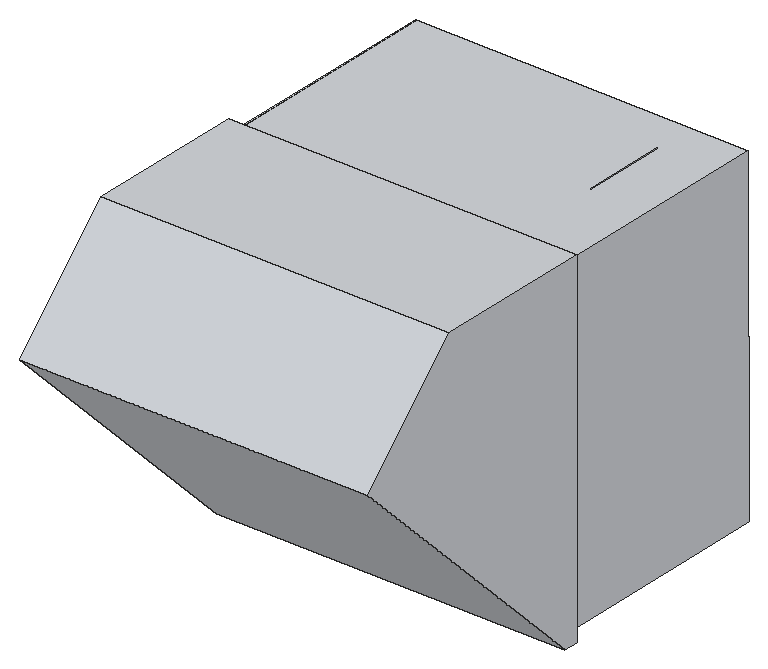
Revit family "EPD", category Mechanical Equipment, Revit 2019
Family settings
  Round Connector Dimension = Use Diameter
  Part Type = Normal
  Work Plane-Based = No
  Always vertical = Yes
  Cut with Voids When Loaded = No
  Shared = No
  Room Calculation Point = No
Parameters (values of type "54_EPD")
  WO_PAC = B_PAC + 0' 0 1/4"  # 5' - 7 3/8"
  WO = A + 0' 0 1/4"  # 5' - 6 7/16"
  WH_C = WH_B + 0' 3"  # 6' - 1"
  WH_B/2 = WH_B / 2  # 2' - 11"
  WH_B = 5' - 10"
  WH_A = 4' - 4 5/8"
  WEATHER_HOOD [instance] = yes
  Unit Weight [instance] = ""
  Sones [instance] = ""
  Motor RPM [instance] = ""
  Motor Enclosure [instance] = ""
  ModelID [instance] = ""
  LwA [instance] = ""
  Fan RPM [instance] = ""
  D_PAC/2 = 1' - 4 1/2"
  D_PAC = 3' - 9"
  D/2 = D / 2  # 2' - 6"
  D = 5' - 0"
  E/2 = E / 2  # 0' - 1 1/2"
  E = 0' - 3"  # constant formula
  C_PAC/2 = C_PAC / 2  # 2' - 7 3/4"
  C_PAC = 5' - 3 1/2"
  C/2 = C / 2  # 0' - 3 27/32"
  C = 0' - 7 11/16"
  B_PAC/2 = B_PAC / 2  # 2' - 9 9/16"
  B_PAC = 5' - 7 1/8"
  B/2 = B / 2  # 1' - 1 7/8"
  B = 2' - 3 3/4"
  Accessories [instance] = ""
  A_PAC/2 = A_PAC / 2  # 2' - 10 3/4"
  A_PAC = 5' - 9 1/2"
  A/7 = A / 7  # 0' - 9.45536"
  A/3.5 = A / 3.5  # 1' - 6.91071"
  A/2 = A / 2  # 2' - 9 3/32"
  A = 5' - 6 3/16"
  90 = 90.00°  # constant formula
  9" = 0' - 9"  # constant formula
  3" = 0' - 3"  # constant formula
  Brake Hp [instance] = ""
  4" = 0' - 4"  # constant formula
  2' = 2' - 0"
  2" = 0' - 2"  # constant formula
  135 = 135.00°  # constant formula
  1" = 0' - 1"  # constant formula
  0 = 0' - 0"  # constant formula
  Voltage [instance] = 0 V
  URL = "www.lorencook.com"
  Type Comments = "Packaged Wall Exhaust Fan Extruded Aluminum Propeller Direct Drive"  # constant formula
  Static Pressure [instance] = 0.00 in-wg
  Power [instance] = Voltage * Motor FLA * sqrt(if(Phase = 3, 3, 1))  # 0 VA
  Phase [instance] = 0
  Number of Poles [instance] = 1
  Motor Hp [instance] = "0"
  Motor FLA [instance] = 0 A
  Model = "EPD"  # constant formula
  Manufacturer = "Loren Cook Company"
  CFM [instance] = 0 CFM
  1.5 = 0' - 1 1/2"  # constant formula
  HALF = 0' - 0 1/2"  # constant formula
  ONE EIGTH = 0' - 0 1/8"  # constant formula
  -WH_B/2 = -WH_B / 2  # -2' - 11"
  -D_PAC/2 = -2' - 4 1/2"
  -D = -E  # -0' - 3"
  -C/2 = -C / 2  # -0' - 3 27/32"
  -B+1" = -B + 0' 1"  # -2' - 2 3/4"
  -B = -B  # -2' - 3 3/4"
  -((SIZE/2)-.25") = -1' - 11 3/4"
  -((A/2)-C-.5") = -((A / 2) - C - 0' 0 1/2")  # -2' - 0 29/32"
  (SIZE/2)-.25" = 1' - 11 3/4"
  (D_SUP/2)-(C/2)-.125" = (D / 2) - (C / 2) - 0' 0 1/8"  # 2' - 2 1/32"
  (A/2)-C-.5" = (A / 2) - C - 0' 0 1/2"  # 2' - 0 29/32"
  (A/2)-1" = (A / 2) - 0' 0 1/4"  # 2' - 8 27/32"
Types (7): name | WO_PAC | WO | WH_C | WH_B/2 | WH_B | WH_A | D_PAC/2 | D_PAC | D/2 | D | C_PAC/2 | C_PAC | C/2 | C | B_PAC/2 | B_PAC | B/2 | B | A_PAC/2 | A_PAC | A/7 | A/3.5 | A/2 | A | -WH_B/2 | -D_PAC/2 | -C/2 | -B+1" | -B | -((SIZE/2)-.25") | -((A/2)-C-.5") | (SIZE/2)-.25" | (D_SUP/2)-(C/2)-.125" | (A/2)-C-.5" | (A/2)-1"
  (no name) | 5' - 7 3/8" | 5' - 6 7/16" | 6' - 1" | 2' - 11" | 5' - 10" | 4' - 4 5/8" | 1' - 4 1/2" | 3' - 9" | 2' - 6" | 5' - 0" | 2' - 7 3/4" | 5' - 3 1/2" | 0' - 3 27/32" | 0' - 7 11/16" | 2' - 9 9/16" | 5' - 7 1/8" | 1' - 1 7/8" | 2' - 3 3/4" | 2' - 10 3/4" | 5' - 9 1/2" | 0' - 9.45536" | 1' - 6.91071" | 2' - 9 3/32" | 5' - 6 3/16" | -2' - 11" | -2' - 4 1/2" | -0' - 3 27/32" | -2' - 2 3/4" | -2' - 3 3/4" | -1' - 11 3/4" | -2' - 0 29/32" | 1' - 11 3/4" | 2' - 2 1/32" | 2' - 0 29/32" | 2' - 8 27/32"
  24_EPD | 3' - 1 1/4" | 3' - 0 7/16" | 3' - 7" | 1' - 8" | 3' - 4" | 2' - 7 7/16" | 0' - 8 1/4" | 2' - 0 1/2" | 1' - 3" | 2' - 6" | 1' - 4 3/4" | 2' - 9 1/2" | 0' - 3 1/2" | 0' - 7" | 1' - 6 1/2" | 3' - 1" | 0' - 7 5/16" | 1' - 2 5/8" | 1' - 7 3/4" | 3' - 3 1/2" | 0' - 5.16964" | 0' - 10.33929" | 1' - 6 3/32" | 3' - 0 3/16" | -1' - 8" | -1' - 4 1/4" | -0' - 3 1/2" | -1' - 1 5/8" | -1' - 2 5/8" | -0' - 11 3/4" | -0' - 10 19/32" | 0' - 11 3/4" | 0' - 11 3/8" | 0' - 10 19/32" | 1' - 5 27/32"
  30_EPD | 3' - 7 1/4" | 3' - 6 7/16" | 4' - 1" | 1' - 11" | 3' - 10" | 2' - 11 11/16" | 0' - 10 1/4" | 2' - 4 1/2" | 1' - 6" | 3' - 0" | 1' - 7 3/4" | 3' - 3 1/2" | 0' - 3 13/32" | 0' - 6 13/16" | 1' - 9 1/2" | 3' - 7" | 0' - 7 5/16" | 1' - 2 5/8" | 1' - 10 3/4" | 3' - 9 1/2" | 0' - 6.02679" | 1' - 0.05357" | 1' - 9 3/32" | 3' - 6 3/16" | -1' - 11" | -1' - 6 1/4" | -0' - 3 13/32" | -1' - 1 5/8" | -1' - 2 5/8" | -1' - 2 3/4" | -1' - 1 25/32" | 1' - 2 3/4" | 1' - 2 15/32" | 1' - 1 25/32" | 1' - 8 27/32"
  36_EPD | 4' - 1 5/16" | 4' - 0 7/16" | 4' - 7" | 2' - 2" | 4' - 4" | 3' - 3 15/16" | 0' - 11" | 2' - 10" | 1' - 9" | 3' - 6" | 1' - 10 3/4" | 3' - 9 1/2" | 0' - 3 5/8" | 0' - 7 1/4" | 2' - 0 17/32" | 4' - 1 1/16" | 0' - 11" | 1' - 10" | 2' - 1 3/4" | 4' - 3 1/2" | 0' - 6.88393" | 1' - 1.76786" | 2' - 0 3/32" | 4' - 0 3/16" | -2' - 2" | -1' - 11" | -0' - 3 5/8" | -1' - 9" | -1' - 10" | -1' - 5 3/4" | -1' - 4 11/32" | 1' - 5 3/4" | 1' - 5 1/4" | 1' - 4 11/32" | 1' - 11 27/32"
  42_EPD | 4' - 7 5/16" | 4' - 6 7/16" | 5' - 1" | 2' - 5" | 4' - 10" | 3' - 8 3/16" | 1' - 4" | 3' - 4" | 2' - 0" | 4' - 0" | 2' - 1 3/4" | 4' - 3 1/2" | 0' - 3 13/16" | 0' - 7 5/8" | 2' - 3 17/32" | 4' - 7 1/16" | 1' - 0" | 2' - 0" | 2' - 4 3/4" | 4' - 9 1/2" | 0' - 7.74107" | 1' - 3.48214" | 2' - 3 3/32" | 4' - 6 3/16" | -2' - 5" | -2' - 0" | -0' - 3 13/16" | -1' - 11" | -2' - 0" | -1' - 8 3/4" | -1' - 6 31/32" | 1' - 8 3/4" | 1' - 8 1/16" | 1' - 6 31/32" | 2' - 2 27/32"
  48_EPD | 5' - 1 3/8" | 5' - 0 7/16" | 5' - 7" | 2' - 8" | 5' - 4" | 4' - 0 7/16" | 1' - 4 1/4" | 3' - 4 1/2" | 2' - 3" | 4' - 6" | 2' - 4 3/4" | 4' - 9 1/2" | 0' - 3 7/8" | 0' - 7 3/4" | 2' - 6 9/16" | 5' - 1 1/8" | 1' - 0" | 2' - 0" | 2' - 7 3/4" | 5' - 3 1/2" | 0' - 8.59821" | 1' - 5.19643" | 2' - 6 3/32" | 5' - 0 3/16" | -2' - 8" | -2' - 0 1/4" | -0' - 3 7/8" | -1' - 11" | -2' - 0" | -1' - 11 3/4" | -1' - 9 27/32" | 1' - 11 3/4" | 1' - 11" | 1' - 9 27/32" | 2' - 5 27/32"
  54_EPD | 5' - 7 3/8" | 5' - 6 7/16" | 6' - 1" | 2' - 11" | 5' - 10" | 4' - 4 5/8" | 1' - 4 1/2" | 3' - 9" | 2' - 6" | 5' - 0" | 2' - 7 3/4" | 5' - 3 1/2" | 0' - 3 27/32" | 0' - 7 11/16" | 2' - 9 9/16" | 5' - 7 1/8" | 1' - 1 7/8" | 2' - 3 3/4" | 2' - 10 3/4" | 5' - 9 1/2" | 0' - 9.45536" | 1' - 6.91071" | 2' - 9 3/32" | 5' - 6 3/16" | -2' - 11" | -2' - 4 1/2" | -0' - 3 27/32" | -2' - 2 3/4" | -2' - 3 3/4" | -1' - 11 3/4" | -2' - 0 29/32" | 1' - 11 3/4" | 2' - 2 1/32" | 2' - 0 29/32" | 2' - 8 27/32"
Reference planes (in)
  plane 1 "Center (Front/Back)": y = 0
  plane 2: z = 0
  plane 3 "Center (Left/Right)": x = 0.40541
Forms (in)
  Revolve 1, solid
    sketch origin (0.40541, 0, 0) x (0, 1, 0) y (0, 0, 1)
      loop
        line (-4.84375, 3.84375) -> (-4.84375, 0) -> (-3.84375, 0) -> (-3.84375, 3.84375) -> (-4.84375, 3.84375)
      axis (-4.84375, 0) -> (-3.84375, 0)
    angle from 0 to 360
  Extrusion 2, solid
    sketch origin (0.40541, 0, 0) x (0, 1, 0) y (0, 0, 1)
      loop
        line (0, -3.84375) -> (-7.6875, 3.84375) -> (-7.77589, 3.75536) -> (-0.08839, -3.93214) -> (0, -3.84375)
    from 30 to 3.84375 <- "C/2"
  Extrusion 3, solid
    sketch origin (0.40541, 0, 0) x (0, 1, 0) y (-1, 0, 0)
      loop
        line (0, -3.84375) -> (-7.6875, 3.84375) -> (-7.77589, 3.75536) -> (-0.08839, -3.93214) -> (0, -3.84375)
    from 30 to 3.84375 <- "C/2"
  Extrusion 4, solid
    sketch origin (0.40541, 0, 0) x (0, 1, 0) y (0, 0, -1)
      loop
        line (0, -3.84375) -> (-7.6875, 3.84375) -> (-7.77589, 3.75536) -> (-0.08839, -3.93214) -> (0, -3.84375)
    from 30 to 3.84375 <- "C/2"
  Extrusion 5, solid
    sketch origin (0.40541, 0, 0) x (1, 0, 0) y (0, 1, 0)
      loop
        line (-3.84375, 0) -> (-3.93214, -0.08839) -> (3.75536, -7.77589) -> (3.84375, -7.6875) -> (-3.84375, 0)
    from -30 to -3.84375 <- "-C/2"
  Extrusion 6, void
    sketch origin (0, 0, 0) x (1, 0, 0) y (0, 0, 1)
      loop
        circle (0.40541, 0) r 26.03125
      loop
        circle (0.40541, 0) r 40
    from 0 to 9 <- "9""
  Extrusion 7, solid
    sketch origin (0, 0, 0) x (1, 0, 0) y (0, 0, 1)
      loop
        line (-32.68834, 33.09375) -> (-32.68834, -33.09375) -> (33.49916, -33.09375) -> (33.49916, 33.09375) -> (-32.68834, 33.09375)
      loop
        circle (0.40541, 0) r 30
    from 0 to -0.125
  Extrusion 8, solid
    sketch origin (0, 0, 0) x (1, 0, 0) y (0, 0, 1)
      loop
        line (-32.68834, 33.09375) -> (-32.68834, -33.09375) -> (33.49916, -33.09375) -> (33.49916, 33.09375) -> (-32.68834, 33.09375)
      loop
        line (33.37416, -32.96875) -> (33.37416, 32.96875) -> (-32.56334, 32.96875) -> (-32.56334, -32.96875) -> (33.37416, -32.96875)
    from 0 to -3 <- "-D"
  Extrusion 9, solid
    sketch origin (0, 0, 0) x (1, 0, 0) y (0, 0, 1)
      loop
        circle (0.40541, 0) r 9.45536
    from 0 to -26.75 <- "-B+1""
  Extrusion 10, solid
    sketch origin (0, 0, 0) x (1, 0, 0) y (0, 0, 1)
      loop
        line (-18.5053, -9.45536) -> (-18.5053, -10.95536) -> (19.31613, -10.95536) -> (19.31613, -9.45536) -> (-18.5053, -9.45536)
    from 0 to -27.75 <- "-B"
  Sweep 11, solid
    path origin (0.40541, 0, 0) x (0, 1, 0) y (0, 0, 1)
      loop
        line (0.125, 31.96875) -> (22.75, 31.96875)
        arc (22.75, 31.96875) -> (24.87132, 31.09007) -> (25.75, 28.96875) r 3
        line (25.75, 28.96875) -> (25.75, -28.96875)
        arc (25.75, -28.96875) -> (24.87132, -31.09007) -> (22.75, -31.96875) r 3
        line (22.75, -31.96875) -> (0.125, -31.96875)
    profile origin (0.40541, 11.4375, 31.96875) x (0, 0, 1) y (1, 0, 0)
      loop
        circle (0, -19.41071) r 0.5
      loop
        circle (0, 19.41071) r 0.5
  Revolve 12, solid
    sketch origin (0.40541, 0, 0) x (0, 1, 0) y (0, 0, 1)
      loop
        arc (-0.125, 30) -> (-3.96875, 26.15625) -> (-7.8125, 30) r 3.84375
        line (-7.8125, 30) -> (-7.9375, 30)
        arc (-7.9375, 30) -> (-3.96875, 26.03125) -> (0, 30) r 3.96875
        line (0, 30) -> (-0.125, 30)
      axis (-7.9375, 0) -> (0, 0)
    angle from 0 to 360
  Extrusion 13, solid
    sketch origin (0, 0, 0) x (1, 0, 0) y (0, 0, 1)
      loop
        line (-33.03209, 33.4375) -> (-33.03209, -33.4375) -> (33.84291, -33.4375) -> (33.84291, 33.4375) -> (-33.03209, 33.4375)
      loop
        line (33.96791, -33.5625) -> (33.96791, 33.5625) -> (-33.15709, 33.5625) -> (-33.15709, -33.5625) -> (33.96791, -33.5625)
    from -28.5 <- "-D_PAC/2" to 16.5 <- "D_PAC/2"
  Extrusion 14, solid
    sketch origin (0, -16.5, 0) x (1, 0, 0) y (0, 0, 1)
      loop
        line (-31.34459, 31.75) -> (-31.34459, -31.75) -> (32.15541, -31.75) -> (32.15541, 31.75) -> (-31.34459, 31.75)
      loop
        line (35.15541, -34.75) -> (35.15541, 34.75) -> (-34.34459, 34.75) -> (-34.34459, -34.75) -> (35.15541, -34.75)
    from 0 to 0.125
  Extrusion 15, solid
    sketch origin (0, -16.625, 0) x (1, 0, 0) y (0, 0, 1)
      loop
        line (-29.34459, 29.75) -> (-29.34459, -29.75) -> (30.15541, -29.75) -> (30.15541, 29.75) -> (-29.34459, 29.75)
      loop
        line (32.15541, -31.75) -> (32.15541, 31.75) -> (-31.34459, 31.75) -> (-31.34459, -31.75) -> (32.15541, -31.75)
    from 0 to 2
  Extrusion 16, solid, visible <- "WEATHER_HOOD"
    sketch origin (0.40541, 0, 0) x (0, 1, 0) y (0, 0, 1)
      loop
        line (-16.625, 35) -> (-48.875, 35) -> (-69.25, 14.625) -> (-19.625, -35) -> (-16.625, -35) -> (-16.625, 35)
    from 35 <- "WH_B/2" to -35 <- "-WH_B/2"
Cuts and joins
  Extrusion 6 cuts Revolve 1
  Extrusion 6 cuts Extrusion 2
  Extrusion 6 cuts Extrusion 3
  Extrusion 6 cuts Extrusion 4
  Extrusion 6 cuts Extrusion 5
Dimensions and locks (in)
  "0": Revolve 1 sketch curve to level  (x2)
  "C/2": Revolve 1 sketch curve to level
  "C/2": plane 1 "Center (Front/Back)" to Revolve 1 sketch curve
  "1"": Revolve 1 sketch curve to Revolve 1 sketch curve
  "0": Extrusion 2 sketch curve to plane 1 "Center (Front/Back)"
  "C": plane 1 "Center (Front/Back)" to Extrusion 2 sketch curve
  "C/2": Extrusion 2 sketch curve to level
  "C/2": level to Extrusion 2 sketch curve
  "ONE EIGTH": Extrusion 2 sketch curve to Extrusion 2 sketch curve
  "ONE EIGTH": Extrusion 3 sketch curve to Extrusion 3 sketch curve
  "ONE EIGTH": Extrusion 4 sketch curve to Extrusion 4 sketch curve
  "ONE EIGTH": Extrusion 5 sketch curve to Extrusion 5 sketch curve
  Extrusion 6 sketch curve to plane 3 "Center (Left/Right)" = 0' - 0"  (x2)
  level to Extrusion 6 sketch curve = 0' - 0"
  Extrusion 6 sketch curve to level = 0' - 0"
  "0": Extrusion 3 sketch curve to plane 1 "Center (Front/Back)"
  "C": Extrusion 3 sketch curve to plane 1 "Center (Front/Back)"
  "C/2": plane 3 "Center (Left/Right)" to Extrusion 3 sketch curve
  "C/2": Extrusion 3 sketch curve to plane 3 "Center (Left/Right)"
  "C": plane 1 "Center (Front/Back)" to Extrusion 4 sketch curve
  "0": Extrusion 4 sketch curve to plane 1 "Center (Front/Back)"
  "C/2": level to Extrusion 4 sketch curve
  "C/2": Extrusion 4 sketch curve to level
  "0": Extrusion 5 sketch curve to plane 1 "Center (Front/Back)"
  "C": Extrusion 5 sketch curve to plane 1 "Center (Front/Back)"
  "C/2": plane 3 "Center (Left/Right)" to Extrusion 5 sketch curve
  "C/2": Extrusion 5 sketch curve to plane 3 "Center (Left/Right)"
  "A/2": plane 3 "Center (Left/Right)" to Extrusion 7 sketch curve
  "A/2": Extrusion 7 sketch curve to plane 3 "Center (Left/Right)"
  "A/2": Extrusion 7 sketch curve to level
  "A/2": level to Extrusion 7 sketch curve
  "0": Extrusion 7 sketch curve to level
  "0": Extrusion 7 sketch curve to plane 3 "Center (Left/Right)"
  "ONE EIGTH": Extrusion 8 sketch curve to Extrusion 8 sketch curve  (x4)
  "A/2": plane 3 "Center (Left/Right)" to Extrusion 8 sketch curve  (x2)
  "A/2": level to Extrusion 8 sketch curve
  "A/2": Extrusion 8 sketch curve to level
  "0": Extrusion 9 sketch curve to level
  "0": Extrusion 9 sketch curve to plane 3 "Center (Left/Right)"
  "A/7": level to Extrusion 10 sketch curve
  "1.5": Extrusion 10 sketch curve to Extrusion 10 sketch curve
  "A/3.5": Extrusion 10 sketch curve to plane 3 "Center (Left/Right)"
  "A/3.5": plane 3 "Center (Left/Right)" to Extrusion 10 sketch curve
  "1"": Extrusion 9 to Sweep 11 sketch curve
  "ONE EIGTH": Sweep 11 sketch curve to plane 1 "Center (Front/Back)"  (x2)
  "1"": Extrusion 8 to Sweep 11 sketch curve  (x2)
  "0": Sweep 11 sketch curve to profile plane  (x2)
  "HALF": Sweep 11 sketch curve to Extrusion 10  (x2)
  "0": Revolve 12 sketch curve to level
  "D/2": Revolve 12 sketch curve to level  (x2)
  "C": Revolve 12 sketch curve to Revolve 12 sketch curve
  "ONE EIGTH": plane 1 "Center (Front/Back)" to Revolve 12 sketch curve
  "ONE EIGTH": Revolve 12 sketch curve to Revolve 12 sketch curve  (x2)
  "0": Revolve 12 sketch curve to Revolve 12 sketch curve
  "ONE EIGTH": Extrusion 13 sketch curve to Extrusion 13 sketch curve  (x4)
  "B_PAC/2": Extrusion 13 sketch curve to level
  "B_PAC/2": level to Extrusion 13 sketch curve
  "B_PAC/2": plane 3 "Center (Left/Right)" to Extrusion 13 sketch curve  (x2)
  "A_PAC/2": plane 3 "Center (Left/Right)" to Extrusion 14 sketch curve
  "C_PAC/2": plane 3 "Center (Left/Right)" to Extrusion 14 sketch curve
  "C_PAC/2": Extrusion 14 sketch curve to plane 3 "Center (Left/Right)"
  "A_PAC/2": Extrusion 14 sketch curve to plane 3 "Center (Left/Right)"
  "A_PAC/2": Extrusion 14 sketch curve to level
  "C_PAC/2": Extrusion 14 sketch curve to level
  "C_PAC/2": level to Extrusion 14 sketch curve
  "A_PAC/2": level to Extrusion 14 sketch curve
  "2"": Extrusion 15 sketch curve to Extrusion 15 sketch curve  (x4)
  "C_PAC/2": plane 3 "Center (Left/Right)" to Extrusion 15 sketch curve
  "C_PAC/2": Extrusion 15 sketch curve to plane 3 "Center (Left/Right)"
  "C_PAC/2": Extrusion 15 sketch curve to level
  "C_PAC/2": level to Extrusion 15 sketch curve
  "WH_B/2": Extrusion 16 sketch curve to level
  "WH_B/2": level to Extrusion 16 sketch curve
  "3"": Extrusion 16 sketch curve to Extrusion 16 sketch curve
  "0": Extrusion 14 to Extrusion 16 sketch curve
  "WH_A": Extrusion 16 sketch curve to Extrusion 16 sketch curve
  "(D_SUP/2)-(C/2)-.125"": radius of Extrusion 6 sketch curve
  "D/2": radius of Extrusion 7 sketch curve
  "A/7": radius of Extrusion 9 sketch curve
  "3"": radius of Sweep 11 sketch curve  (x2)
  "HALF": radius of Sweep 11 sketch curve  (x2)
  "135": angle Extrusion 16 sketch curve to Extrusion 16 sketch curve
  "90": angle Extrusion 16 sketch curve to Extrusion 16 sketch curve
Automatic sketch dimensions
  Revolve 1 sketch curve to plane 1 "Center (Front/Back)" = 0' - 0"
  Revolve 1 sketch curve to Revolve 1 sketch curve = 2' - 2"
  plane 1 "Center (Front/Back)" to Revolve 12 sketch curve = 0' - 3 1/4"
  Revolve 12 sketch curve to Revolve 12 sketch curve = 0' - 1.44822"
  radius of Extrusion 6 sketch curve = 3' - 4"
Connectors (in)
  electrical at (0.40541, 26.75, 0)
    settings: on Extrusion 9, index 2, voltage 0 V, apparent load 0 VA, apparent load phase1 0 VA, apparent load phase2 0 VA, apparent load phase3 0 VA, power factor 1, load classification "Other", number of poles 1, system type 30, power factor state 1, is connector primary yes, connector utility no, sub classification motor no, connector description ""
  hvac at (0.40541, -18.625, 0), driven by "CFM", driven by "WO", driven by "WO"
    settings: on Extrusion 15, index 3, duct flow 0 CFM, flow factor 0, pres drop 0.00 in-wg, loss coef 0, conn angle 0.00°, conn width 66 7/16", conn height 66 7/16", conn diameter 24", duct sys type 3, conn prof type 1, flow config 0, flow direction 2, loss method 0, conn ref index -1, conn util no, is conn primary yes, conn desc ""
  hvac at (0.40541, 28.5, 0), driven by "CFM", driven by "WO", driven by "WO"
    settings: on Extrusion 13, index 4, duct flow 0 CFM, flow factor 0, pres drop 0.00 in-wg, loss coef 0, conn angle 0.00°, conn width 66 7/16", conn height 66 7/16", conn diameter 24", duct sys type 3, conn prof type 1, flow config 0, flow direction 1, loss method 0, conn ref index -1, conn util no, is conn primary no, conn desc ""
